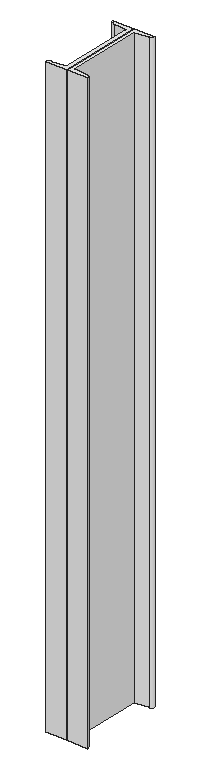
Revit family "M_Double C-Channel-Column", category 구조 기둥, Revit 2026
Family settings
  단면 모양 = 정의되지 않음
  모델 동작 재료 = 스틸
  항상 형상으로 내보내기 = 아니오
  평면의 보 전환 = 경계 상자에서
  로드될 때 보이드를 사용하여 절단 = 아니오
  기호 표현 = 프로젝트 설정에서
  공유 = 아니오
  평면도에서 미리 절단된 패밀리 표시 = 예
Parameters (values of type "2C380X74")
  Structural Material [instance] = Metal - Steel - 345 MPa
  Space = 0 mm
  A = 19000.00 mm²
  조합 코드 = "B10"
  W = 1.46
  bf = 94.4 mm
  d = 381 mm
  tf = 16.5 mm
  tw = 18.2 mm
Reference planes
  plane 1: y = 0
  plane 2: z = 0
  plane 3: x = 0
  plane 4: x = -94.4
  plane 5: x = 94.4
  plane 6: y = 190.5
  plane 7: y = -190.5
  plane 8: x = 0
  plane 9: x = 0
  plane 10: y = 174
  plane 11: y = -174
  plane 12: x = 18.2
  plane 13: x = -18.2
  plane 14: x = 77.9
  plane 15: x = -77.9
Forms (mm)
  Extrusion 1, solid, material "Metal - Steel - 345 MPa" <- "Structural Material", detail levels medium
    sketch origin (0, 0, 0) x (1, 0, 0) y (0, 1, 0)
      loop
        line (94.4, 190.5) -> (0, 190.5) -> (0, -190.5) -> (94.4, -190.5) -> (94.4, -174) -> (18.2, -161.931) -> (18.2, 161.931) -> (94.4, 174) -> (94.4, 190.5)
    from 0 to 2700
  Extrusion 2, solid, material "Metal - Steel - 345 MPa" <- "Structural Material", detail levels fine
    sketch origin (0, 0, 0) x (1, 0, 0) y (0, 1, 0)
      loop
        line (94.4, 190.5) -> (0, 190.5) -> (0, -190.5) -> (94.4, -190.5)
        arc (94.4, -190.5) -> (89.567, -178.833) -> (77.9, -174) r 16.5
        line (77.9, -174) -> (18.2, -164.544) -> (18.2, 164.544) -> (77.9, 174)
        arc (77.9, 174) -> (89.567, 178.833) -> (94.4, 190.5) r 16.5
    from 0 to 2700
  Extrusion 3, solid, material "Metal - Steel - 345 MPa" <- "Structural Material", detail levels medium
    sketch origin (0, 0, 0) x (-1, 0, 0) y (0, -1, 0)
      loop
        line (94.4, -190.5) -> (94.4, -174) -> (18.2, -161.931) -> (18.2, 161.931) -> (94.4, 174) -> (94.4, 190.5) -> (0, 190.5) -> (0, -190.5) -> (94.4, -190.5)
    from 0 to 2700
  Extrusion 4, solid, material "Metal - Steel - 345 MPa" <- "Structural Material", detail levels fine
    sketch origin (0, 0, 0) x (-1, 0, 0) y (0, -1, 0)
      loop
        arc (94.4, -190.5) -> (89.567, -178.833) -> (77.9, -174) r 16.5
        line (77.9, -174) -> (18.2, -164.544) -> (18.2, 164.544) -> (77.9, 174)
        arc (77.9, 174) -> (89.567, 178.833) -> (94.4, 190.5) r 16.5
        line (94.4, 190.5) -> (0, 190.5) -> (0, -190.5) -> (94.4, -190.5)
    from 0 to 2700
Lines and regions (mm)
  symbolic lines, style "StructuralColumnStickSymbols", detail levels coarse
    curve 1: line (0, 190.5, 0) -> (94.4, 190.5, 0)
    curve 2: line (0, -190.5, 0) -> (94.4, -190.5, 0)
    curve 3: line (0, 190.5, 0) -> (0, -190.5, 0)
    curve 6: line (0, 190.5, 0) -> (-94.4, 190.5, 0)
    curve 7: line (0, -190.5, 0) -> (-94.4, -190.5, 0)
    curve 8: line (0, 190.5, 0) -> (0, -190.5, 0)
  symbolic lines, style "Hidden Faces", detail levels medium+fine
    curve 4: line (-18.2, 0, 0) -> (-18.2, 0, 2700)
    curve 5: line (18.2, 0, 2700) -> (18.2, 0, 0)
Dimensions and locks
  equal spacing: plane 7, plane 1, plane 6
  "d": plane 7 to plane 6
  equal spacing: plane 8, plane 3, plane 9
  "Space": plane 8 to plane 9
  "bf": plane 9 to plane 5
  "bf": plane 4 to plane 8
  "tf": plane 6 to plane 10
  "tf": plane 7 to plane 11
  "tw": plane 9 to plane 12
  "tw": plane 8 to plane 13
  "tf": plane 14 to plane 5
  "tf": plane 15 to plane 4
  "tf": radius of Extrusion 2 sketch curve  (x2)
  "tf": radius of Extrusion 4 sketch curve  (x2)
  locked: plane 10 to Extrusion 1 sketch curve (angle 9.00°)
  locked: Extrusion 1 sketch curve to plane 11 (angle 9.00°)
  locked: Extrusion 2 sketch curve to plane 11 (angle 9.00°)
  angle plane 10 to Extrusion 2 sketch curve = 9.00°
  locked: Extrusion 3 sketch curve to plane 10 (angle 9.00°)
  locked: plane 11 to Extrusion 3 sketch curve (angle 9.00°)
  locked: Extrusion 4 sketch curve to plane 10 (angle 9.00°)
  locked: plane 11 to Extrusion 4 sketch curve (angle 9.00°)
  aligned and locked: level to plane 2
  aligned and locked: plane 9 to curve 2
  aligned and locked: plane 9 to curve 1
  aligned and locked: plane 5 to curve 2
  aligned and locked: plane 5 to curve 1
  aligned and locked: plane 6 to curve 1
  aligned and locked: curve 7 to plane 7
  aligned and locked: curve 6 to plane 6
  aligned and locked: plane 4 to curve 6
  aligned and locked: plane 4 to curve 7
  aligned and locked: plane 7 to curve 3
  aligned and locked: plane 8 to curve 7
  aligned and locked: plane 8 to curve 6
  aligned and locked: level to curve 5
  aligned and locked: level to curve 4
  aligned and locked: plane 12 to curve 5
  aligned and locked: plane 13 to curve 4
  aligned and locked: plane 6 to Extrusion 1 sketch curve
  aligned and locked: Extrusion 1 sketch curve to plane 9
  aligned and locked: Extrusion 1 sketch curve to plane 7
  aligned and locked: plane 12 to Extrusion 1 sketch curve
  aligned and locked: plane 5 to Extrusion 1 sketch curve  (x4)
  aligned and locked: plane 11 to Extrusion 1 sketch curve
  aligned and locked: Extrusion 2 sketch curve to plane 6
  aligned and locked: plane 9 to Extrusion 2 sketch curve
  aligned and locked: plane 7 to Extrusion 2 sketch curve
  aligned and locked: Extrusion 2 sketch curve to plane 12
  aligned and locked: plane 14 to Extrusion 2 sketch curve  (x4)
  aligned and locked: plane 11 to Extrusion 2 sketch curve
  aligned and locked: plane 10 to Extrusion 2 sketch curve
  aligned and locked: plane 7 to Extrusion 3 sketch curve
  aligned and locked: plane 8 to Extrusion 3 sketch curve
  aligned and locked: Extrusion 3 sketch curve to plane 6
  aligned and locked: plane 4 to Extrusion 3 sketch curve  (x2)
  aligned and locked: Extrusion 3 sketch curve to plane 13
  aligned and locked: Extrusion 4 sketch curve to plane 8
  aligned and locked: plane 6 to Extrusion 4 sketch curve  (x2)
  aligned and locked: plane 13 to Extrusion 4 sketch curve
  aligned and locked: Extrusion 4 sketch curve to plane 7
  aligned and locked: plane 7 to Extrusion 4 sketch curve
  aligned and locked: plane 15 to Extrusion 4 sketch curve  (x2)
  aligned and locked: level to Extrusion 2
  aligned and locked: level to Extrusion 4
  aligned and locked: level to Extrusion 1
  aligned and locked: level to Extrusion 3
  aligned and locked: Extrusion 1 to plane 2
  aligned and locked: Extrusion 3 to plane 2
  aligned and locked: Extrusion 2 to plane 2
  aligned and locked: Extrusion 4 to plane 2
Automatic sketch dimensions
  curve 5 to level = 0 mm
  curve 4 to level = 0 mm
  Extrusion 1 sketch curve to plane 10 = 0 mm
  Extrusion 3 sketch curve to plane 11 = 0 mm
  Extrusion 3 sketch curve to plane 10 = 0 mm
